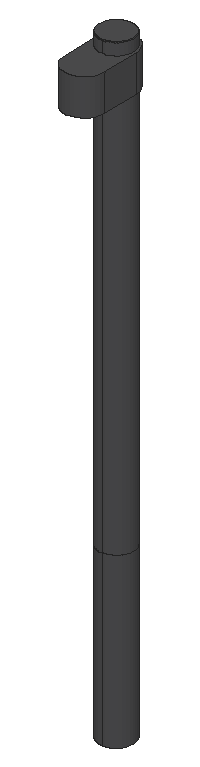
Revit family "Lighting_Outside_Zero_Pathfinder_Bollard-Single", category Lighting Fixtures, Revit 2020
Family settings
  Round Connector Dimension = Use Diameter
  Part Type = Normal
  OmniClass Number = 23.80.70.00
  OmniClass Title = Lighting
  Work Plane-Based = No
  Always vertical = Yes
  Cut with Voids When Loaded = No
  Light Source = Yes
  Shared = No
  Room Calculation Point = No
Parameters (values of type "Pathfinder - Bollard for ground installation asymmetrical 480LM - Black")
  Youtube clip = ""
  Weight Net (Kg) = "0"
  Wattage = 3.23141 W
  WarrantyStartDate [instance] = "n/a"
  WarrantyGuarantorParts = "n/a"
  WarrantyGuarantorLabor = "n/a"
  WarrantyDurationUnit = "Year"
  WarrantyDurationParts = "n/a"
  WarrantyDurationLabor = "n/a"
  WarrantyDescription = "n/a"
  built-in parameter 1150110 = 1 (stored number, unit not read)
  VersionDate = "31/08/2023"  # constant formula
  Version = "3"  # constant formula
  UsageCurrent = 0 A
  Uniformat II Description = ""
  Uniformat II Code = ""
  Uniclass2015Reference = "Pr_80_77_48_02"
  Uniclass2015Description = "Aluminium lighting bollards"
  Uniclass2 = "Pr_20_76_08_01"
  Uniclass 2015 Name = ""
  Uniclass 2015 Code = ""
  Uniclass 2.0 Description = ""
  Uniclass 2.0 Code = ""
  Uniclass 1.4 Description = ""
  Uniclass 1.4 Code = ""
  URL = "https://www.zerolighting.com/pathfinder-utompo"
  UNSPSC Code = ""
  TotalWattage = 10 W
  TotalHeight [instance] = 1000 mm
  built-in parameter 1114217 = 1 (stored number, unit not read)
  Tilt Angle = 90.00°
  built-in parameter 1150109 = 1 (stored number, unit not read)
  built-in parameter 1150134 = (empty or 0)
  Technical description = ""
  TagNumber [instance] = "n/a"
  SustainabilityPerformance = "n/a"
  built-in parameter 1150113 = 1 (stored number, unit not read)
  Size = "175x88x600/1000 mm"
  Shape = "Sculptured"
  SerialNumber [instance] = "n/a"
  Revision = "2"  # constant formula
  ReplacementCost = "n/a"
  Region South America = "All"
  Region Oceania = "All"
  Region North America = "All"
  Region Middle East = "All"
  Region Europe = "All"
  Region Asia = "All"
  Region Antarctica = "All"
  Region Africa = "All"
  ProductInformation = "An easy to place, sculptural family of fixtures designed to illuminate thoroughfares, pathways, facades and areas under roofs. The neat scale and moderate presentation is inspired by signposts of olden times and Pathfinder creates direction and defines place in a very effective manner. The bollards have one or more heads in various combinations and directions. IP 65."
  ProductDatasheet = "https://static1.squarespace.com/static/5943d7dcc534a5f4dd214abc/t/5d6e2e60c6d43900018d2a6d/1567501930567/Pathfinder-pollare.pdf"
  Product group = "Bollard"
  Product family = "Pathfinder"
  Product certification = ""
  Product SKU = "Bollard_single"
  Product Guid = "307afcda-4914-413b-ae0f-a01ed5fdcf12"
  Photometric Web File = "Pathfinder130071-asym-3000K.IES"
  PhaseReference = "n/a"
  PhaseAngle = 0.00°
  OmniClass Description = ""
  OmniClass Code = ""
  NumberOfSources = 0
  NumberOfPoles = 1
  Nominal_Width = 88 mm
  Nominal_Radius = 0 mm
  Nominal_Length = 175 mm
  Nominal_Height [instance] = TotalHeight  # 1000 mm
  Nominal_Diameter = 0 mm
  NominalVoltageCalc = 0 V
  NominalVoltage = 230 V
  NominalFrequencyRange = 50 Hz
  NominalCurrent = 0 A
  Nominal width = 0 mm
  Nominal height = 0 mm
  Name = "Zero_Pathfinder_Bollard-Single"  # constant formula
  NBSReference = "90-60-45/330"
  NBSDescription = "Aluminium lighting pedestals"
  NBS Reference Description = ""
  NBS Reference Code = ""
  MountingType = Pathfinder-bollard-ground : Pathfinder-bollard-ground
  ModelReference = ArticleNumber  # "13006106-30"
  ModelNumber = "n/a"
  Model = "Pathfinder - Bollard for ground installation asymmetrical 480LM - Black"
  Material secondary = ""
  Material main = ""
  Material = "Metal & plastic"
  Masterformat 2014 Description = ""
  Masterformat 2014 Code = ""
  ManufacturersSpecificInformation = "n/a"
  ManufacturerURL = "https://www.zerolighting.com/"
  ManufacturerName = "Zero"
  Manufacturer name = "ZERO"
  Manufacturer country = ""
  MaintenanceFactor = 0
  Lumens = 480 lm
  built-in parameter 1150115 = 1 (stored number, unit not read)
  built-in parameter 1150105 = 38.197 (stored number, unit not read)
  LightFixturePlacingType = "Floor"
  LightFixtureMountingType = "Surface"
  LightFixtureMainMaterial = Black 9005 RAL
  built-in parameter 1150137 = (empty or 0)
  built-in parameter 1150139 = (empty or 0)
  LensMaterial = Microprisma
  LengthControl = 130.746 mm
  built-in parameter 1150112 = 1 (stored number, unit not read)
  built-in parameter 1150114 = 1 (stored number, unit not read)
  InsulationStandardClass = "n/a"
  InstallationDate [instance] = "n/a"
  Installation instructions = ""
  built-in parameter 1150132 = 2
  built-in parameter 1150102 = (empty or 0)
  built-in parameter 1150138 = (empty or 0)
  built-in parameter 1150107 = 3000 (stored number, unit not read)
  built-in parameter 1150106 = 0.38197 (stored number, unit not read)
  IfcExportType = "NOTDEFINED"  # constant formula
  IfcExportAs = "IfcLightFixtureType"  # constant formula
  IP_Code = "IP65"
  IFC Classification = ""
  HeightControl2 [instance] = HeightControl - 107 mm  # 893 mm
  HeightControl [instance] = if(TotalHeight < 600 mm, 600 mm, (if(TotalHeight > 1000 mm, 1000 mm, TotalHeight)))  # 1000 mm
  HasProtectiveEarth = no
  GroundIstallation = yes
  Grade = "n/a"
  GTIN code = ""
  Finish = "Painted casted aluminum. Grey RAL 9006, black RAL 9005. Diffuser in microprisma."
  Features = "Buried foundation D 76 mm."
  ExpectedLife = "n/a"
  ElectricalDeviceNominalPower = 10
  built-in parameter 1150104 = 13.8 (stored number, unit not read)
  Edition number = 1
  DurationUnit = "Year"
  Dimming Lamp Color Temperature Shift = <None>
  Designer = "Kauppi & Kauppi"
  Design country = ""
  Description = "An easy to place, sculptural family of fixtures designed to illuminate thoroughfares, pathways, facades and areas under roofs. The neat scale and moderate presentation is inspired by signposts of olden times and Pathfinder creates direction and defines place in a very effective manner. The bollards have one or more heads in various combinations and directions. IP 65."
  DefaultElevation = 0 mm
  Default Elevation = 0 mm
  Date of publishing = ""
  Constituents = "Connection: Terminal block 2x4 x10mm2"
  Color Filter = 16777215
  Color = "Black"
  Collection = "Pathfinder"
  CodePerformance = "n/a"
  Category = "Bollards"
  CRI = ">80"
  COBIe Type Category = ""
  Brand url = "http://www.zero.se"
  Brand = "Zero"
  Barcode [instance] = "n/a"
  built-in parameter 1114218 = 1 (stored number, unit not read)
  BIMObjectName = "Lighting_Outside_Zero_Pathfinder_Bollard-Single"  # constant formula
  Author = "BIMStone"  # constant formula
  built-in parameter 1150133 = 10 (stored number, unit not read)
  AssetType = "Fixed"
  AssetIdentifier [instance] = "n/a"
  ArticleNumber = "13006106-30"
  AccessibilityPerformance = "n/a"
Types (8, lengths in mm): name | Wattage | TotalHeight | Size | Photometric Web File | Nominal_Width | Nominal_Height | MountingType | ModelReference | Model | Lumens | built-in parameter 1150105 | LightFixtureMainMaterial | LengthControl | built-in parameter 1150106 | HeightControl2 | HeightControl | GroundIstallation | Features | Color | ArticleNumber
  Pathfinder - Bollard for surface mounting symmetrical 430LM - Black | 2.8948 W | 0 | "175x150x600/1000 mm" | "Pathfinder130051-sym-3000K.IES" | 150 | 0 | Pathfinder-bollard-surface_mounting : Pathfinder-bollard-surface_mounting | "13007106-30" | "Pathfinder - Bollard for surface mounting symmetrical 430LM - Black" | 430 lm | 34.218 (stored number, unit not read) | Black 9005 RAL | 161.792 | 0.34218 (stored number, unit not read) | 493 | 600 | no | "Ground plate for surface mounting" | "Black" | "13007106-30"
  Pathfinder - Bollard for ground installation symmetrical 430LM - Black | 2.8948 W | 0 | "175x88x600/1000 mm" | "Pathfinder130051-sym-3000K.IES" | 88 | 0 | Pathfinder-bollard-ground : Pathfinder-bollard-ground | "13005106-30" | "Pathfinder - Bollard for ground installation symmetrical 430LM - Black" | 430 lm | 322.81 (stored number, unit not read) | Black 9005 RAL | 130.746 | 3.2281 (stored number, unit not read) | 493 | 600 | yes | "Buried foundation D 76 mm." | "Black" | "13005106-30"
  Pathfinder - Bollard for ground installation symmetrical 430LM - Grey | 2.8948 W | 0 | "175x88x600/1000 mm" | "Pathfinder130051-sym-3000K.IES" | 88 | 0 | Pathfinder-bollard-ground : Pathfinder-bollard-ground | "13005110--30" | "Pathfinder - Bollard for ground installation symmetrical 430LM - Grey" | 430 lm | 322.81 (stored number, unit not read) | Grey RAL 9006 | 130.746 | 3.2281 (stored number, unit not read) | 493 | 600 | yes | "Buried foundation D 76 mm." | "Grey" | "13005110--30"
  Pathfinder - Bollard for surface mounting symmetrical 430LM - Grey | 2.8948 W | 0 | "175x150x600/1000 mm" | "Pathfinder130051-sym-3000K.IES" | 150 | 0 | Pathfinder-bollard-surface_mounting : Pathfinder-bollard-surface_mounting | "13007110--30" | "Pathfinder - Bollard for surface mounting symmetrical 430LM - Grey" | 430 lm | 34.218 (stored number, unit not read) | Grey RAL 9006 | 161.792 | 0.34218 (stored number, unit not read) | 493 | 600 | no | "Ground plate for surface mounting" | "Grey" | "13007110--30"
  Pathfinder - Bollard for ground installation asymmetrical 480LM - Black | 3.23141 W | 1000 | "175x88x600/1000 mm" | "Pathfinder130071-asym-3000K.IES" | 88 | 1000 | Pathfinder-bollard-ground : Pathfinder-bollard-ground | "13006106-30" | "Pathfinder - Bollard for ground installation asymmetrical 480LM - Black" | 480 lm | 38.197 (stored number, unit not read) | Black 9005 RAL | 130.746 | 0.38197 (stored number, unit not read) | 893 | 1000 | yes | "Buried foundation D 76 mm." | "Black" | "13006106-30"
  Pathfinder - Bollard for ground installation asymmetrical 480LM - Grey | 3.23141 W | 0 | "175x88x600/1000 mm" | "Pathfinder130071-asym-3000K.IES" | 88 | 0 | Pathfinder-bollard-ground : Pathfinder-bollard-ground | "13006110--30" | "Pathfinder - Bollard for ground installation asymmetrical 480LM - Grey" | 480 lm | 360.35 (stored number, unit not read) | Grey RAL 9006 | 130.746 | 3.6035 (stored number, unit not read) | 493 | 600 | yes | "Buried foundation D 76 mm." | "Grey" | "13006110--30"
  Pathfinder - Bollard for surface mounting asymmetrical 480LM - Grey | 3.23141 W | 0 | "175x150x600/1000 mm" | "Pathfinder130071-asym-3000K.IES" | 150 | 0 | Pathfinder-bollard-surface_mounting : Pathfinder-bollard-surface_mounting | "13008110--30" | "Pathfinder - Bollard for surface mounting asymmetrical 480LM - Grey" | 480 lm | 360.35 (stored number, unit not read) | Grey RAL 9006 | 161.792 | 3.6035 (stored number, unit not read) | 493 | 600 | no | "Ground plate for surface mounting" | "Grey" | "13008110--30"
  Pathfinder - Bollard for surface mounting asymmetrical 480LM - Black | 3.23141 W | 0 | "175x150x600/1000 mm" | "Pathfinder130071-asym-3000K.IES" | 150 | 0 | Pathfinder-bollard-surface_mounting : Pathfinder-bollard-surface_mounting | "13008106-30" | "Pathfinder - Bollard for surface mounting asymmetrical 480LM - Black" | 480 lm | 360.35 (stored number, unit not read) | Black 9005 RAL | 161.792 | 3.6035 (stored number, unit not read) | 493 | 600 | no | "Ground plate for surface mounting" | "Black" | "13008106-30"
Reference planes
  plane 1 "Light Source Axis (F/B)": y = 0
  plane 2: z = 0
  plane 3 "Light Source Axis (L/R)": x = 0
  plane 4 "Light Source Elevation": z = 893
  plane 5: x = 44
  plane 6: x = -44
  plane 7: z = 1000
  plane 8: y = 130.746
  plane 9: y = -44.254
Forms (mm)
  Extrusion 1, solid, material "Black 9005 RAL" <- "LightFixtureMainMaterial", detail levels coarse
    sketch origin (0, 0, 0) x (1, 0, 0) y (0, 1, 0)
      loop
        line (-44, 130.746) -> (-44, -44.254) -> (44, -44.254) -> (44, 130.746) -> (-44, 130.746)
    from 0 to 1000
  Extrusion 2, solid, material "Black 9005 RAL" <- "LightFixtureMainMaterial", visible <- "GroundIstallation", detail levels coarse
    sketch origin (0, 0, 0) x (1, 0, 0) y (0, 1, 0)
      loop
        line (44, -44.254) -> (44, 130.746) -> (-44, 130.746) -> (-44, -44.254) -> (44, -44.254)
    from -375 to 0
Dimensions and locks
  locked: plane 7 to plane 4 "Light Source Elevation" at 107
  "HeightControl": plane 7 to level
  equal spacing: plane 6, plane 3 "Light Source Axis (L/R)", plane 5
  "Nominal_Width": plane 6 to plane 5
  "LengthControl": plane 8 to plane 1 "Light Source Axis (F/B)"
  aligned and locked: plane 4 "Light Source Elevation" to imposter light
  aligned and locked: level to plane 2
  aligned and locked: nested 1 to plane 4 "Light Source Elevation"
  aligned and locked: plane 8 to Extrusion 1
  aligned and locked: plane 5 to Extrusion 1
  aligned and locked: plane 6 to Extrusion 1
  aligned and locked: plane 7 to Extrusion 1
  aligned and locked: Extrusion 1 to plane 9
  aligned and locked: Extrusion 2 sketch curve to plane 5
  aligned and locked: Extrusion 2 sketch curve to plane 8
  aligned and locked: Extrusion 2 sketch curve to plane 6
  aligned and locked: plane 9 to Extrusion 2 sketch curve
  aligned and locked: level to Extrusion 2
Automatic sketch dimensions
  Extrusion 1 sketch curve to plane 6 = 0 mm
  Extrusion 1 sketch curve to plane 5 = 0 mm
  plane 8 to Extrusion 1 sketch curve = 0 mm
  plane 1 "Light Source Axis (F/B)" to Extrusion 1 sketch curve = 44.254 mm
Nested families
  nested 1: "Pathfinder-bollard-part1" at (-0.001, 44.746, 893) x (-0.0012, 1, 0) z (0, 0, 1), MainMaterial <- "LightFixtureMainMaterial", SecondaryMaterial <- "LensMaterial", type "Pathfinder-bollard-part1"
    with SecondaryMaterial Microprisma, MainMaterial Black 9005 RAL
  nested 2: "Pathfinder-bollard-ground" at (0.001, 86.792, 0) x (0, 1, 0) z (0, 0, 1), type <- "MountingType", Height1 <- "HeightControl2", MainMaterial <- "LightFixtureMainMaterial", type "Pathfinder-bollard-ground"
    with MainMaterial Black 9005 RAL, Height1 893 mm
Connectors
  electrical at (0.001, 86.792, 0), driven by "NominalVoltage"
    settings: on nested 2, index 1, voltage 230 V, apparent load 0 VA, apparent load phase1 0 VA, apparent load phase2 0 VA, apparent load phase3 0 VA, power factor 1, load classification "Other", number of poles 1, system type 31, power factor state 1, is connector primary yes, connector utility no, sub classification motor no, connector description ""
Definition of nested family "Pathfinder-bollard-part1"
  Parameters (values of type "Pathfinder-bollard-part1")
    SecondaryMaterial [instance] = none
    MainMaterial [instance] = none
    Default Elevation = 0 mm
  Reference planes
    plane 1 "Center (Front/Back)": y = 0
    plane 2: z = 0
    plane 3 "Center (Left/Right)": x = 0
  Forms (mm)
    Extrusion 1, solid, material <- "MainMaterial", detail levels medium+fine
      sketch origin (0, 0, -1268) x (1, 0, 0) y (0, 1, 0)
        loop
          circle (42, 0) r 38
      from 1268 to 1373.5
    Extrusion 2, solid, material <- "MainMaterial", detail levels medium+fine
      sketch origin (0, 0, 232) x (1, 0, 0) y (0, 1, 0)
        loop
          circle (42, 0) r 38
      from -126.5 to -125
    Extrusion 3, solid, material <- "MainMaterial", detail levels medium+fine
      sketch origin (0, 0, -1268) x (1, 0, 0) y (0, 1, 0)
        loop
          line (-45, -44) -> (42, -44)
          arc (42, -44) -> (86, 0) -> (42, 44) r 44
          line (42, 44) -> (-45, 44)
          arc (-45, 44) -> (-89, 0) -> (-45, -44) r 44
      from 1268 to 1348
    Extrusion 4, void
      sketch origin (-87, 0, -1268) x (1, 0, 0) y (0, 1, 0)
        loop
          circle (42, 0) r 38
      from 1183.175 to 1338
    Extrusion 5, solid, material <- "MainMaterial", detail levels medium+fine
      sketch origin (0, 0, -1268) x (1, 0, 0) y (0, 1, 0)
        loop
          circle (-45, 0) r 38
        loop
          circle (-45, 0) r 30
      from 1270 to 1273
    Extrusion 6, solid, material <- "SecondaryMaterial", detail levels medium+fine
      sketch origin (0, 0, -1268) x (1, 0, 0) y (0, 1, 0)
        loop
          circle (-45, 0) r 30
      from 1270 to 1273
  Cuts and joins
    Extrusion 4 cuts Extrusion 3
    joined: Extrusion 1, Extrusion 3
  Lines and regions (mm)
    symbolic lines, detail levels medium+fine
      curve 1: line (-45, -44, 0) -> (42, -44, 0)
      curve 2: arc (-45, 44, 0) -> (-89, 0, 0) -> (-45, -44, 0) r 44
      curve 3: arc (42, -44, 0) -> (86, 0, 0) -> (42, 44, 0) r 44
      curve 4: line (42, 44, 0) -> (-45, 44, 0)
      curve 7: line (4, 0, 107) -> (80, 0, 107)
      curve 8: line (80, 0, 107) -> (80, 0, 80)
      curve 9: line (80, 0, 80) -> (86, 0, 80)
      curve 10: line (86, 0, 80) -> (86, 0, 0)
      curve 11: line (86, 0, 0) -> (80, 0, 0)
      curve 12: line (4, 0, 0) -> (-89, 0, 0)
      curve 13: line (-89, 0, 0) -> (-89, 0, 80)
      curve 14: line (-89, 0, 80) -> (4, 0, 80)
      curve 16: line (4, 0, 107) -> (4, 0, 80)
      curve 20: line (0, 38, 107) -> (0, -38, 107)
      curve 21: line (0, 44, 80) -> (0, 38, 80)
      curve 22: line (0, -44, 0) -> (0, -38, 0)
      curve 23: line (0, 44, 0) -> (0, 44, 80)
      curve 24: line (0, -44, 80) -> (0, -44, 0)
      curve 25: line (0, 38, 0) -> (0, 44, 0)
      curve 27: line (0, 38, 107) -> (0, 38, 80)
      curve 28: line (0, -38, 107) -> (0, -38, 80)
      curve 30: line (0, -38, 80) -> (0, -44, 80)
    symbolic lines, detail levels fine
      curve 5: arc (4, 0, 0) -> (42, -38, 0) -> (80, 0, 0) r 38
      curve 6: arc (80, 0, 0) -> (42, 38, 0) -> (4, 0, 0) r 38
      curve 15: line (4, 0, 105.5) -> (80, 0, 105.5)
      curve 17: line (4, 0, 80) -> (80, 0, 80)
      curve 18: line (4, 0, 0) -> (80, 0, 0)
      curve 19: line (0, 38, 105.5) -> (0, -38, 105.5)
      curve 26: line (0, -38, 0) -> (0, 38, 0)
      curve 29: line (0, 38, 80) -> (0, -38, 80)
  Dimensions and locks
    aligned and locked: level to plane 2
Definition of nested family "Pathfinder-bollard-ground"
  Parameters (values of type "Pathfinder-bollard-ground")
    MainMaterial [instance] = none
    Height1 [instance] = 900 mm
    Default Elevation = 0 mm
  Reference planes
    plane 1 "Center (Front/Back)": y = 0
    plane 2: z = 0
    plane 3 "Center (Left/Right)": x = 0
    plane 4: z = 900
  Forms (mm)
    Extrusion 1, solid, material <- "MainMaterial", detail levels medium+fine
      sketch origin (-42, 0, 0) x (1, 0, 0) y (0, 1, 0)
        loop
          circle (42, 0) r 38
      from 0 to 900
    Extrusion 2, void
      sketch origin (-42, 0, 0) x (1, 0, 0) y (0, 1, 0)
        loop
          circle (42, 0) r 36.5
      from -30.749 to 900
    Extrusion 3, solid, material <- "MainMaterial", detail levels medium+fine
      sketch origin (-42, 0, -375) x (1, 0, 0) y (0, 1, 0)
        loop
          circle (42, 0) r 38
      from 0 to 375
  Cuts and joins
    Extrusion 2 cuts Extrusion 1
  Lines and regions (mm)
    symbolic lines, detail levels medium+fine
      curve 1: line (38, 0, 900) -> (38, 0, 0)
      curve 2: line (38, 0, 0) -> (-38, 0, 0)
      curve 3: line (-38, 0, 0) -> (-38, 0, 900)
      curve 4: line (0, -38, 0) -> (0, 38, 0)
      curve 5: line (0, 38, 0) -> (0, 38, 900)
      curve 6: line (0, -38, 0) -> (0, -38, 900)
      curve 7: line (0, 38, 0) -> (0, 38, -375)
      curve 8: line (0, 38, -375) -> (0, -38, -375)
      curve 9: line (0, -38, -375) -> (0, -38, 0)
      curve 10: line (38, 0, 0) -> (38, 0, -375)
      curve 11: line (38, 0, -375) -> (-38, 0, -375)
      curve 12: line (-38, 0, -375) -> (-38, 0, 0)
  Dimensions and locks
    "Height1": level to plane 4
    aligned and locked: level to plane 2
    aligned and locked: cut or joined group of Extrusion 1, Extrusion 2 to plane 4
    aligned and locked: plane 4 to curve 1
    aligned and locked: plane 4 to curve 3
    aligned and locked: plane 4 to curve 6
    aligned and locked: plane 4 to curve 5
    aligned and locked: Extrusion 1 to Extrusion 2
  Automatic sketch dimensions
    curve 4 to level = 0 mm
    plane 1 "Center (Front/Back)" to curve 4 = 38 mm
    curve 7 to plane 1 "Center (Front/Back)" = 38 mm
    curve 8 to level = 375 mm
    curve 12 to level = 0 mm
    curve 12 to plane 3 "Center (Left/Right)" = 38 mm
    curve 11 to curve 10 = 76 mm
    curve 11 to level = 375 mm
    plane 1 "Center (Front/Back)" to Extrusion 1 sketch curve = 0 mm
    plane 3 "Center (Left/Right)" to Extrusion 1 sketch curve = 0 mm
    Extrusion 2 sketch curve to Extrusion 2 sketch curve = 0 mm  (x2)
    plane 1 "Center (Front/Back)" to Extrusion 2 sketch curve = 0 mm
    plane 3 "Center (Left/Right)" to Extrusion 2 sketch curve = 0 mm
    Extrusion 2 sketch curve to plane 3 "Center (Left/Right)" = 36.5 mm
    plane 1 "Center (Front/Back)" to Extrusion 3 sketch curve = 0 mm
    plane 3 "Center (Left/Right)" to Extrusion 3 sketch curve = 0 mm
    radius of Extrusion 1 sketch curve = 38 mm
    radius of Extrusion 3 sketch curve = 38 mm
